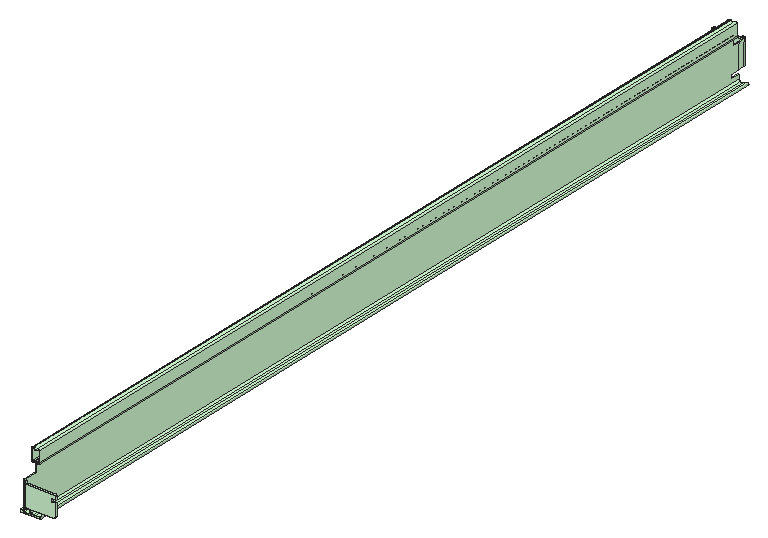
Revit family "eTバー4015クロス(640グリッド用)", category 機械設備, Revit 2020
Family settings
  丸型コネクタ寸法 = 直径を使用
  種別 = なし
  パーツ タイプ = 標準
  作業面ベース = いいえ
  常に垂直 = はい
  ロード時にボイドで切り取り = いいえ
  共有 = いいえ
  部屋計算ポイント = いいえ
Parameters
  製造元 = "株式会社桐井製作所"
  既定の高さ = 0 mm
  URL = "https://www.kirii.co.jp/"
  K_長さ(mm) = 640 mm
  K_材質 = "溶融亜鉛めっき鋼板及び鋼帯SGCC 一般用　カラー鋼板"
  K_品名 = "eTバー4015クロス(640グリッド用)"
  K_名称 = "Tバー"
  K_入数 = "40"
  K_バージョン情報 = "20220411"
  K_めっき付着量 = "JIS G 3302 Z12、カラー鋼板　塗装膜厚20μ(白色)"
  K_JIS規格 = "JIS G 3302"
Reference planes
  plane 1 "中心(正面/背面)": y = 0
  plane 2: z = 0
  plane 3 "中心(左/右)": x = 0
  plane 4: y = 647.2
Forms (mm)
  Extrusion 1, solid
    sketch origin (0, -1320, 7.1) x (-1, 0, 0) y (0, 0, 1)
      loop
        arc (0.4, 24.899) -> (0.715, 25.363) -> (1.263, 25.242) r 0.5
        arc (1.263, 25.242) -> (1.627, 24.916) -> (2.1, 24.799) r 1.011
        arc (2.1, 24.799) -> (2.736, 25.062) -> (3, 25.699) r 0.9
        line (3, 25.699) -> (3, 33.799)
        arc (3, 33.799) -> (2.473, 34.679) -> (1.448, 34.633) r 1
        line (1.448, 34.633) -> (0, 33.681) -> (-1.448, 34.633)
        arc (-1.448, 34.633) -> (-2.473, 34.679) -> (-3, 33.799) r 1
        line (-3, 33.799) -> (-3, 25.699)
        arc (-3, 25.699) -> (-2.736, 25.062) -> (-2.1, 24.799) r 0.9
        arc (-2.1, 24.799) -> (-1.627, 24.916) -> (-1.263, 25.242) r 1.011
        arc (-1.263, 25.242) -> (-0.715, 25.363) -> (-0.4, 24.899) r 0.5
        line (-0.4, 24.899) -> (-0.4, -5.442)
        arc (-0.4, -5.442) -> (-0.717, -6.207) -> (-1.483, -6.525) r 1.083
        line (-1.483, -6.525) -> (-4, -6.26) -> (-5.807, -6.26) -> (-6.519, -5.891)
        arc (-6.519, -5.891) -> (-7.477, -6.278) -> (-6.85, -7.1) r 0.65
        line (-6.85, -7.1) -> (6.85, -7.1)
        arc (6.85, -7.1) -> (7.477, -6.278) -> (6.519, -5.891) r 0.65
        line (6.519, -5.891) -> (5.807, -6.26) -> (4, -6.26) -> (1.483, -6.525)
        arc (1.483, -6.525) -> (0.717, -6.207) -> (0.4, -5.441) r 1.083
        line (0.4, -5.441) -> (0.4, 24.899)
      loop
        arc (-1.668, 34.298) -> (-2.283, 34.327) -> (-2.6, 33.799) r 0.6
        line (-2.6, 33.799) -> (-2.6, 25.699)
        arc (-2.6, 25.699) -> (-2.302, 25.241) -> (-1.763, 25.329) r 0.5
        line (-1.763, 25.329) -> (-1.063, 25.784)
        arc (-1.063, 25.784) -> (-0.324, 25.59) -> (0, 24.899) r 0.9
        arc (0, 24.899) -> (0.324, 25.59) -> (1.063, 25.784) r 0.9
        line (1.063, 25.784) -> (1.763, 25.329)
        arc (1.763, 25.329) -> (2.302, 25.241) -> (2.6, 25.699) r 0.5
        line (2.6, 25.699) -> (2.6, 33.799)
        arc (2.6, 33.799) -> (2.283, 34.327) -> (1.668, 34.298) r 0.6
        line (1.668, 34.298) -> (0.549, 33.563)
        arc (0.549, 33.563) -> (0, 33.399) -> (-0.549, 33.563) r 1
        line (-0.549, 33.563) -> (-1.668, 34.298)
    from 1320 to 1967.2
  Extrusion 2, void
    sketch origin (0, 0, 0) x (0, 1, 0) y (0, 0, 1)
      loop
        line (5, 41.941) -> (0, 41.941) -> (0, 25.9) -> (5, 25.9) -> (5, 41.941)
    from -3.77 to 3.77
  Extrusion 3, solid
    sketch origin (-0.114, 0, 16.166) x (1, 0, 0) y (0, 1, 0)
      loop
        line (24.214, -7.2) -> (24.214, -6.4) -> (1.714, -6.4)
        arc (1.714, -6.4) -> (0.866, -6.049) -> (0.514, -5.2) r 1.2
        line (0.514, -5.2) -> (0.514, 0) -> (-0.286, 0) -> (-0.286, -5.2)
        arc (-0.286, -5.2) -> (0.3, -6.614) -> (1.714, -7.2) r 2
        line (1.714, -7.2) -> (24.214, -7.2)
    from -8.266 to 9.734
  Extrusion 4, void
    sketch origin (0, 0, -7.234) x (1, 0, 0) y (0, 0, 1)
      loop
        line (2.6, 31.999) -> (23.1, 31.999)
        arc (23.1, 31.999) -> (23.807, 31.706) -> (24.1, 30.999) r 1
        line (24.1, 30.999) -> (24.1, 33.134) -> (2.6, 33.134) -> (2.6, 31.999)
    from 6.4 to 7.2
  Extrusion 5, void
    sketch origin (0, 0, -7.234) x (1, 0, 0) y (0, 0, 1)
      loop
        line (24.1, 26.599) -> (24.1, 28.599) -> (21.1, 28.599) -> (21.1, 26.599) -> (24.1, 26.599)
    from 6.4 to 7.2
  Extrusion 6, void
    sketch origin (0, 0, 0) x (0, 1, 0) y (0, 0, 1)
      loop
        line (6.9, 7.833) -> (0, 7.833) -> (0, 4.833) -> (6.9, 4.833) -> (6.9, 7.833)
    from -0.4 to 0.4
  Extrusion 7, void
    sketch origin (0, -13.6, -8.031) x (1, 0, 0) y (0, 0, -1)
      loop
        line (24.1, -15.931) -> (2.6, -15.931) -> (2.6, -16.999) -> (22.1, -16.999)
        arc (22.1, -16.999) -> (23.231, -17.237) -> (24.1, -17.999) r 2.28
        line (24.1, -17.999) -> (24.1, -15.931)
    from 6.4 to 7.2
  Extrusion 8, void
    sketch origin (0, 647.2, 0) x (0, -1, 0) y (0, 0, -1)
      loop
        line (5, -41.941) -> (5, -25.737) -> (0, -25.737) -> (0, -41.941) -> (5, -41.941)
    from -3.77 to 3.77
  Extrusion 9, void
    sketch origin (0, 647.2, 0) x (0, -1, 0) y (0, 0, -1)
      loop
        line (6.9, -7.833) -> (6.9, -4.833) -> (0, -4.833) -> (0, -7.833) -> (6.9, -7.833)
    from -0.4 to 0.4
  Extrusion 10, solid
    sketch origin (0.114, 647.2, 16.166) x (-1, 0, 0) y (0, -1, 0)
      loop
        line (24.214, -7.2) -> (24.214, -6.4) -> (1.714, -6.4)
        arc (1.714, -6.4) -> (0.866, -6.049) -> (0.514, -5.2) r 1.2
        line (0.514, -5.2) -> (0.514, 0) -> (-0.286, 0) -> (-0.286, -5.2)
        arc (-0.286, -5.2) -> (0.3, -6.614) -> (1.714, -7.2) r 2
        line (1.714, -7.2) -> (24.214, -7.2)
    from -8.266 to 9.571
  Extrusion 11, void
    sketch origin (0, 647.2, -7.234) x (-1, 0, 0) y (0, 0, 1)
      loop
        line (24.1, 26.599) -> (24.1, 28.599) -> (21.1, 28.599) -> (21.1, 26.599) -> (24.1, 26.599)
    from 6.4 to 7.2
  Extrusion 12, void
    sketch origin (0, 647.2, -8.099) x (-1, 0, 0) y (0, 0, 1)
      loop
        line (24.1, 15.931) -> (24.1, 17.999)
        arc (24.1, 17.999) -> (23.231, 17.237) -> (22.1, 16.999) r 2.28
        line (22.1, 16.999) -> (2.6, 16.999) -> (2.6, 15.931) -> (24.1, 15.931)
    from 6.4 to 7.2
  Extrusion 13, void
    sketch origin (0, 660.8, -7.396) x (-1, 0, 0) y (0, 0, -1)
      loop
        line (2.6, -31.999) -> (2.6, -33.134) -> (24.1, -33.134) -> (24.1, -30.999)
        arc (24.1, -30.999) -> (23.807, -31.706) -> (23.1, -31.999) r 1
        line (23.1, -31.999) -> (2.6, -31.999)
    from 6.4 to 7.2
Cuts and joins
  Extrusion 2, Extrusion 6, Extrusion 7, Extrusion 8, Extrusion 9 cuts Extrusion 1
  Extrusion 4, Extrusion 5, Extrusion 7, Extrusion 8, Extrusion 9 cuts Extrusion 3
  joined: Extrusion 1, Extrusion 3
  Extrusion 11, Extrusion 12, Extrusion 13 cuts Extrusion 10
Dimensions and locks
  plane 4 to plane 1 "中心(正面/背面)" = 647.2 mm
  aligned and locked: level to plane 2
  aligned and locked: plane 4 to Extrusion 1
